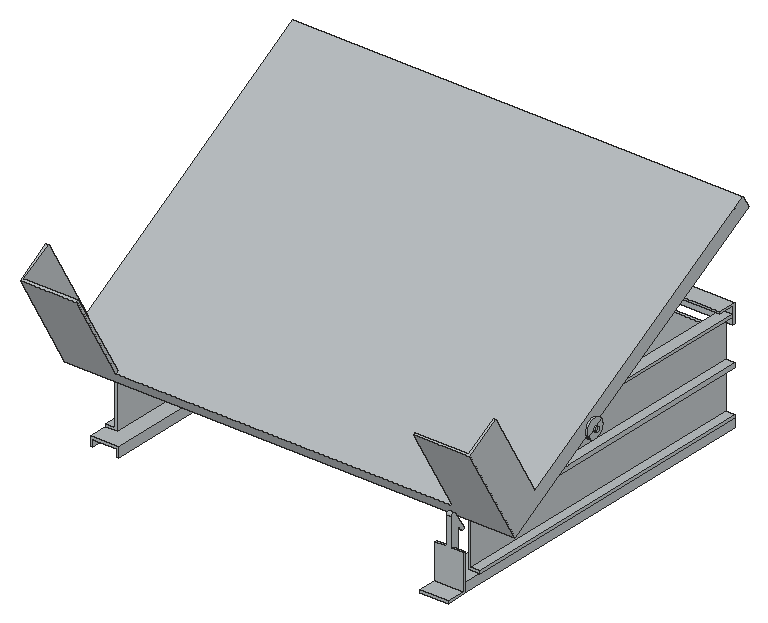
Revit family "DockEquipment_BinTilter_Pentalift_MT", category Specialty Equipment, Revit 2026
Family settings
  Round Connector Dimension = Use Diameter
  Part Type = Normal
  Work Plane-Based = Yes
  Enable Cutting in Views = No
  Always vertical = No
  Cut with Voids When Loaded = No
  Maintain Annotation Orientation = No
  Shared = No
  Room Calculation Point = No
Parameters
  offset [instance] = 0' - 0"
  Warranty Duration (Years) = 0
  Unit Width [instance] = Platform Width - 0' 8"  # 3' - 4"
  Unit Length [instance] = Platform Length  # 3' - 0"
  Unit Height = 1' - 0"
  URL = "http://www.pentalift.com/index.php"
  Tilt Angle [instance] = 30.00°
  Specification = ""
  SpecWizard = ""
  Send Message = "http://www.arcat.com/users.pl?action=UserEmail&company=Pentalift Equipment Corp.&coid=34752&rep=119&fax=519-763-2894&mf="
  Sales Information = "http://www.pentalift.com/about-us.htm"
  Revision = "R1_01-2012"
  Product Properties = ""
  Product Data = "http://www.arcat.com/arcatcos/cos34/arc34752.html"
  Platform Width [instance] = 4' - 0"
  Platform Length [instance] = 3' - 0"
  Model = "As Specified"
  Material [instance] = Metal - Steel - Pentalift - Painted - Gray
  Manufacturer Website = "http://www.pentalift.com/index.php"
  Manufacturer Phone - Toll Free = ""
  Manufacturer Phone = "519-763-3625 "
  Manufacturer Fax = "519-763-2894"
  Manufacturer Address = "21 Nicholas Beaver Rd. Guelph, ON, Canada N1H 6H9 "
  Manufacturer = "Pentalift Equipment Corp."
  Maintenance Schedule (Months) = 0
  Keynote = "11160"
  Installation-Fabrication = ""
  Installation Phase = ""
  Green Building-LEED = ""
  Expected Lifespan (Years) = 0
  Drawn By = "Sumex Design, Inc. / Robert S. Weygant, CSI, CDT, SCIP"
  Description = "Pentalift Dock Equipment as Specified"
  Default Elevation = 4' - 0"
  Copyright = "©Arcat Inc."
  Construction Details = "http://www.arcat.com/details/pentalif/pentalif.html?coid=34752"
  Capacity (Weight) = 0.00 kip
  Assembly Code = "E1030300"
Reference planes (in)
  plane 1 "Center (Front/Back)": y = -6.66667
  plane 2 "Bottom": z = 0
  plane 3 "Center (Left/Right)": x = 0
  plane 4 "Front": y = -18.66667
  plane 5 "Back": y = 17.33333
  plane 6 "Left": x = -20
  plane 7 "Right": x = 20
  plane 8: x = -24
  plane 9: x = 24
  plane 10: z = 12
  plane 11: z = 6
  plane 12: z = 1
  plane 13: z = 11
  plane 14: y = 5.33333
Forms (in)
  Extrusion 1, solid, material "Metal - Steel - Pentalift - Painted - Gray" <- "Material"
    sketch origin (-20, 16.34522, 48) x (0, 1, 0) y (0, 0, 1)
      loop
        line (0.98811, -36) -> (-1.01189, -36) -> (-1.01189, -36.25) -> (0.73811, -36.25) -> (0.73811, -38) -> (0.98811, -38) -> (0.98811, -36)
    from 0 to 40
  Extrusion 2, solid, material "Metal - Steel - Pentalift - Painted - Gray" <- "Material"
    sketch origin (-20, 16.34522, 48) x (0, 1, 0) y (0, 0, 1)
      loop
        line (0.98811, -39) -> (0.73811, -39) -> (0.73811, -47) -> (0.98811, -47) -> (0.98811, -39)
    from 1.25 to 38.75
  Extrusion 3, solid, material "Metal - Steel - Pentalift - Painted - Gray" <- "Material"
    sketch origin (-11.94222, -18.66667, 48) x (-1, 0, 0) y (0, 0, 1)
      loop
        line (8.05778, -48) -> (8.05778, -47) -> (5.05778, -47) -> (5.05778, -48) -> (5.30778, -48) -> (5.30778, -47.25) -> (7.80778, -47.25) -> (7.80778, -48) -> (8.05778, -48)
      loop
        line (-31.94222, -48) -> (-31.69222, -48) -> (-31.69222, -47.25) -> (-29.19222, -47.25) -> (-29.19222, -48) -> (-28.94222, -48) -> (-28.94222, -47) -> (-31.94222, -47) -> (-31.94222, -48)
    from 0 to 36
  Extrusion 4, solid, material "Metal - Steel - Pentalift - Painted - Gray" <- "Material"
    sketch origin (-11.94222, 17.33333, 48) x (-1, 0, 0) y (0, 0, 1)
      loop
        line (-30.69222, -47) -> (-30.69222, -42) -> (-31.94222, -42) -> (-31.94222, -42.25) -> (-30.94222, -42.25) -> (-30.94222, -46.75) -> (-31.94222, -46.75) -> (-31.94222, -47) -> (-30.69222, -47)
      loop
        line (6.80778, -47) -> (8.05778, -47) -> (8.05778, -46.75) -> (7.05778, -46.75) -> (7.05778, -42.25) -> (8.05778, -42.25) -> (8.05778, -42) -> (6.80778, -42) -> (6.80778, -47)
    from 0 to -34
  Extrusion 5, solid, material "Metal - Steel - Pentalift - Painted - Gray" <- "Material"
    sketch origin (-11.94222, 17.33333, 48) x (-1, 0, 0) y (0, 0, 1)
      loop
        line (6.80778, -42) -> (8.05778, -42) -> (8.05778, -41.75) -> (7.05778, -41.75) -> (7.05778, -37.25) -> (8.05778, -37.25) -> (8.05778, -37) -> (6.80778, -37) -> (6.80778, -42)
      loop
        line (-30.69222, -42) -> (-30.69222, -37) -> (-31.94222, -37) -> (-31.94222, -37.25) -> (-30.94222, -37.25) -> (-30.94222, -41.75) -> (-31.94222, -41.75) -> (-31.94222, -42) -> (-30.69222, -42)
    from 0 to -25
  Extrusion 6, solid, material "Metal - Steel - Pentalift - Painted - Gray" <- "Material"
    sketch origin (20, 16.34522, 48) x (0, 1, 0) y (0, 0, 1)
      loop
        line (-35.01189, -48) -> (-35.01189, -44) -> (-35.26189, -44) -> (-35.26189, -47.75) -> (-37.26189, -47.75) -> (-37.26189, -48) -> (-35.01189, -48)
    from 0 to -3
  Extrusion 7, solid, material "Metal - Steel - Pentalift - Painted - Gray" <- "Material"
    sketch origin (20, 16.34522, 48) x (0, 1, 0) y (0, 0, 1)
      loop
        line (-35.26189, -47.75) -> (-34.41412, -47.75) -> (-34.41412, -42.41235) -> (-33.86785, -42.83914)
        arc (-33.86785, -42.83914) -> (-33.70226, -42.83336) -> (-33.6792, -42.66928) r 0.12889
        line (-33.6792, -42.66928) -> (-34.79987, -40.87583)
        arc (-34.79987, -40.87583) -> (-35.08079, -40.76799) -> (-35.26189, -41.00831) r 0.25
        line (-35.26189, -41.00831) -> (-35.26189, -47.75)
    from -1.25 to -1.75
Cuts and joins
  joined: Extrusion 2, Extrusion 4, Extrusion 5
  joined: Extrusion 6, Extrusion 7
Lines and regions (in)
  reference lines
    curve 1: line (0, -6.66667, 12) -> (0, 15.84999, 25)
Dimensions and locks (in)
  equal spacing: plane 6 "Left", plane 3 "Center (Left/Right)", plane 7 "Right"
  "Unit Width": plane 6 "Left" to plane 7 "Right"
  equal spacing: plane 5 "Back", plane 14, plane 1 "Center (Front/Back)", plane 4 "Front"
  "Unit Length": plane 5 "Back" to plane 4 "Front"
  equal spacing: plane 8, plane 3 "Center (Left/Right)", plane 9
  "Platform Width": plane 8 to plane 9
  "Unit Height": plane 10 to level
  locked: plane 13 to plane 11 at 5
  locked: plane 11 to plane 12 at 5
  locked: plane 10 to plane 13 at 1
  locked: plane 1 "Center (Front/Back)" to Extrusion 5 at 1
  locked: plane 1 "Center (Front/Back)" to Extrusion 4 at 10
  locked: plane 7 "Right" to cut or joined group of Extrusion 2, Extrusion 4, Extrusion 5 at 1.25  (x2)
  "Tilt Angle": angle curve 1 to plane 10
  aligned and locked: plane 7 "Right" to Extrusion 1
  aligned and locked: plane 5 "Back" to Extrusion 3
Automatic sketch dimensions
  curve 1 to plane 1 "Center (Front/Back)" = 0' - 0"
  curve 1 to plane 10 = 0' - 0"
  Extrusion 1 sketch curve to plane 10 = 0' - 0"
  Extrusion 1 sketch curve to plane 5 "Back" = 0' - 0"
  Extrusion 1 sketch curve to Extrusion 1 sketch curve = 0' - 0 1/4"
  Extrusion 1 sketch curve to plane 10 = 0' - 0 1/4"
  Extrusion 1 sketch curve to Extrusion 1 sketch curve = 0' - 1 3/4"
  Extrusion 1 sketch curve to plane 13 = 0' - 1"
  Extrusion 2 sketch curve to plane 12 = 0' - 0"
  Extrusion 2 sketch curve to plane 5 "Back" = 0' - 0"
  Extrusion 2 sketch curve to Extrusion 2 sketch curve = 0' - 0 1/4"
  Extrusion 2 sketch curve to plane 13 = 0' - 2"
  Extrusion 3 sketch curve to level = 0' - 0"  (x4)
  Extrusion 3 sketch curve to plane 7 "Right" = 0' - 0"
  Extrusion 3 sketch curve to plane 12 = 0' - 0"  (x2)
  Extrusion 3 sketch curve to plane 6 "Left" = 0' - 0"
  Extrusion 3 sketch curve to plane 7 "Right" = 0' - 0 1/4"
  Extrusion 3 sketch curve to plane 12 = 0' - 0 1/4"  (x2)
  Extrusion 3 sketch curve to Extrusion 3 sketch curve = 0' - 2 1/2"
  Extrusion 3 sketch curve to Extrusion 3 sketch curve = 0' - 0 1/4"  (x2)
  plane 6 "Left" to Extrusion 3 sketch curve = 0' - 3"
  plane 6 "Left" to Extrusion 3 sketch curve = 0' - 0 1/4"
  Extrusion 4 sketch curve to plane 7 "Right" = 0' - 0"  (x2)
  Extrusion 4 sketch curve to plane 11 = 0' - 0"  (x2)
  Extrusion 4 sketch curve to plane 12 = 0' - 0"  (x2)
  Extrusion 4 sketch curve to plane 6 "Left" = 0' - 0"  (x2)
  Extrusion 4 sketch curve to plane 11 = 0' - 0 1/4"  (x2)
  Extrusion 4 sketch curve to plane 7 "Right" = 0' - 1"
  Extrusion 4 sketch curve to Extrusion 4 sketch curve = 0' - 0 1/4"  (x2)
  Extrusion 4 sketch curve to Extrusion 4 sketch curve = 0' - 1 1/4"
  plane 12 to Extrusion 4 sketch curve = 0' - 0 1/4"  (x2)
  Extrusion 5 sketch curve to plane 7 "Right" = 0' - 0"  (x2)
  Extrusion 5 sketch curve to plane 11 = 0' - 0"  (x2)
  Extrusion 5 sketch curve to plane 13 = 0' - 0"  (x2)
  Extrusion 5 sketch curve to plane 6 "Left" = 0' - 0"  (x2)
  Extrusion 5 sketch curve to plane 13 = 0' - 0 1/4"  (x2)
  Extrusion 5 sketch curve to plane 7 "Right" = 0' - 1"
  Extrusion 5 sketch curve to Extrusion 5 sketch curve = 0' - 0 1/4"  (x2)
  Extrusion 5 sketch curve to Extrusion 5 sketch curve = 0' - 1 1/4"
  plane 11 to Extrusion 5 sketch curve = 0' - 0 1/4"  (x2)
  Extrusion 6 sketch curve to level = 0' - 0"
  Extrusion 6 sketch curve to plane 4 "Front" = 0' - 0"
  Extrusion 6 sketch curve to plane 4 "Front" = 0' - 0 1/4"
  Extrusion 6 sketch curve to Extrusion 6 sketch curve = 0' - 2"
  level to Extrusion 6 sketch curve = 0' - 0 1/4"
  Extrusion 6 sketch curve to plane 11 = 0' - 2"
  Extrusion 7 sketch curve to plane 4 "Front" = 0' - 0"
  Extrusion 7 sketch curve to plane 4 "Front" = 0' - 0 1/4"
  plane 4 "Front" to Extrusion 7 sketch curve = 0' - 0.21201"
  level to Extrusion 7 sketch curve = 0' - 0 1/4"
  plane 4 "Front" to Extrusion 7 sketch curve = 0' - 0.59777"
  Extrusion 7 sketch curve to Extrusion 7 sketch curve = 0' - 0.54626"
  Extrusion 7 sketch curve to Extrusion 7 sketch curve = 0' - 0.07935"
  Extrusion 7 sketch curve to Extrusion 7 sketch curve = 0' - 0.1093"
  Extrusion 7 sketch curve to plane 11 = 0' - 0.83914"
  Extrusion 7 sketch curve to Extrusion 7 sketch curve = 0' - 0 13/128"
  Extrusion 7 sketch curve to plane 11 = 0' - 0.41235"
  plane 11 to Extrusion 7 sketch curve = 0' - 0.99169"
Nested families (in)
  nested 1: "Bucket_MT" at (0, 1.99359, 17) x (1, 0, 0) z (0, -0.5, 0.866), Unit Width <- "Platform Width", Unit Length <- "Platform Length", type "Bucket_MT"
    with offset 0' - 0", Unit Width 4' - 0", Unit Length 3' - 0", Unit Height 1' - 0", Material Metal - Steel - Pentalift - Painted - Gray
Definition of nested family "Bucket_MT"
  Parameters
    offset [instance] = 0' - 0"
    Warranty Duration (Years) = 0
    Unit Width [instance] = 3' - 0"
    Unit Length [instance] = 5' - 0"
    Unit Height [instance] = 1' - 0"
    URL = "http://www.pentalift.com/index.php"
    Specification = ""
    SpecWizard = ""
    Send Message = "http://www.arcat.com/users.pl?action=UserEmail&company=Pentalift Equipment Corp.&coid=34752&rep=119&fax=519-763-2894&mf="
    Sales Information = "http://www.pentalift.com/about-us.htm"
    Revision = "R1_01-2012"
    Product Properties = ""
    Product Data = "http://www.arcat.com/arcatcos/cos34/arc34752.html"
    Model = "As Specified"
    Material [instance] = none
    Manufacturer Website = "http://www.pentalift.com/index.php"
    Manufacturer Phone - Toll Free = ""
    Manufacturer Phone = "519-763-3625 "
    Manufacturer Fax = "519-763-2894"
    Manufacturer Address = "21 Nicholas Beaver Rd. Guelph, ON, Canada N1H 6H9 "
    Manufacturer = "Pentalift Equipment Corp."
    Maintenance Schedule (Months) = 0
    Keynote = "11160"
    Installation-Fabrication = ""
    Installation Phase = ""
    Green Building-LEED = ""
    Expected Lifespan (Years) = 0
    Drawn By = "Sumex Design, Inc. / Robert S. Weygant, CSI, CDT, SCIP"
    Description = "Pentalift Dock Equipment as Specified"
    Default Elevation = 4' - 0"
    Copyright = "©Arcat Inc."
    Construction Details = "http://www.arcat.com/details/pentalif/pentalif.html?coid=34752"
    Capacity (Weight) = 0.00 kip
    Assembly Code = "E1030300"
  Reference planes (in)
    plane 1 "Center (Front/Back)": y = -10
    plane 2 "Bottom": z = 0
    plane 3 "Center (Left/Right)": x = 0
    plane 4 "Front": y = -30
    plane 5 "Back": y = 30
    plane 6 "Left": x = -18
    plane 7 "Right": x = 18
    plane 8: z = 12
    plane 9: z = 0
    plane 10: y = 10
  Forms (in)
    Extrusion 1, solid, material <- "Material"
      sketch origin (0, 0, 0) x (1, 0, 0) y (0, 1, 0)
        loop
          line (-18, 30) -> (-18, -30) -> (18, -30) -> (18, 30) -> (-18, 30)
      from 0 to 1.5
    Revolve 2, solid, material <- "Material"
      sketch origin (0, 0, 0) x (1, 0, 0) y (0, 1, 0)
        loop
          line (-18.5, -10) -> (18.5, -10) -> (18.5, -9.75) -> (18.25, -9.75) -> (18.25, -9) -> (18, -9) -> (18, -9.75) -> (-18, -9.75) -> (-18, -9) -> (-18.25, -9) -> (-18.25, -9.75) -> (-18.5, -9.75) -> (-18.5, -10)
        axis (-18.5, -10) -> (18.5, -10)
      angle from 0 to 360
    Extrusion 3, solid, material <- "Material"
      sketch origin (0, 0, 0) x (1, 0, 0) y (0, 1, 0)
        loop
          line (-18, -30) -> (-12, -30) -> (-12, -29.75) -> (-17.75, -29.75) -> (-17.75, -26) -> (-18, -26) -> (-18, -30)
        loop
          line (18, -30) -> (18, -26) -> (17.75, -26) -> (17.75, -29.75) -> (12, -29.75) -> (12, -30) -> (18, -30)
      from 0 to 12
  Cuts and joins
    joined: Extrusion 1, Revolve 2, Extrusion 3
  Dimensions and locks (in)
    equal spacing: plane 6 "Left", plane 3 "Center (Left/Right)", plane 7 "Right"
    "Unit Width": plane 6 "Left" to plane 7 "Right"
    equal spacing: plane 5 "Back", plane 10, plane 1 "Center (Front/Back)", plane 4 "Front"
    "Unit Length": plane 5 "Back" to plane 4 "Front"
    "Unit Height": plane 8 to level
    aligned and locked: level to plane 9
    aligned and locked: Extrusion 3 to plane 8
  Automatic sketch dimensions
    Extrusion 1 sketch curve to plane 4 "Front" = 0' - 0"
    Extrusion 1 sketch curve to plane 6 "Left" = 0' - 0"
    Extrusion 1 sketch curve to plane 7 "Right" = 0' - 0"
    plane 5 "Back" to Extrusion 1 sketch curve = 0' - 0"
    Revolve 2 sketch curve to plane 1 "Center (Front/Back)" = 0' - 0"  (x2)
    Revolve 2 sketch curve to plane 6 "Left" = 0' - 0"
    Revolve 2 sketch curve to plane 7 "Right" = 0' - 0"
    Revolve 2 sketch curve to Revolve 2 sketch curve = 0' - 0 1/4"  (x4)
    Revolve 2 sketch curve to Revolve 2 sketch curve = 0' - 0.56109"
    Revolve 2 sketch curve to Revolve 2 sketch curve = 0' - 7.18891"
    Revolve 2 sketch curve to plane 1 "Center (Front/Back)" = 0' - 0 1/4"  (x3)
    Revolve 2 sketch curve to Revolve 2 sketch curve = 0' - 0 3/4"  (x2)
    Extrusion 3 sketch curve to plane 6 "Left" = 0' - 0"
    Extrusion 3 sketch curve to plane 4 "Front" = 0' - 0"  (x2)
    Extrusion 3 sketch curve to plane 7 "Right" = 0' - 0"
    plane 6 "Left" to Extrusion 3 sketch curve = 0' - 0 1/4"
    Extrusion 3 sketch curve to Extrusion 3 sketch curve = 0' - 5 3/4"
    Extrusion 3 sketch curve to Extrusion 3 sketch curve = 0' - 6"
    Extrusion 3 sketch curve to plane 7 "Right" = 0' - 0 1/4"
    plane 4 "Front" to Extrusion 3 sketch curve = 0' - 0 1/4"
    Extrusion 3 sketch curve to Extrusion 3 sketch curve = 0' - 0 1/4"
    Extrusion 3 sketch curve to Extrusion 3 sketch curve = 0' - 3 3/4"  (x2)
